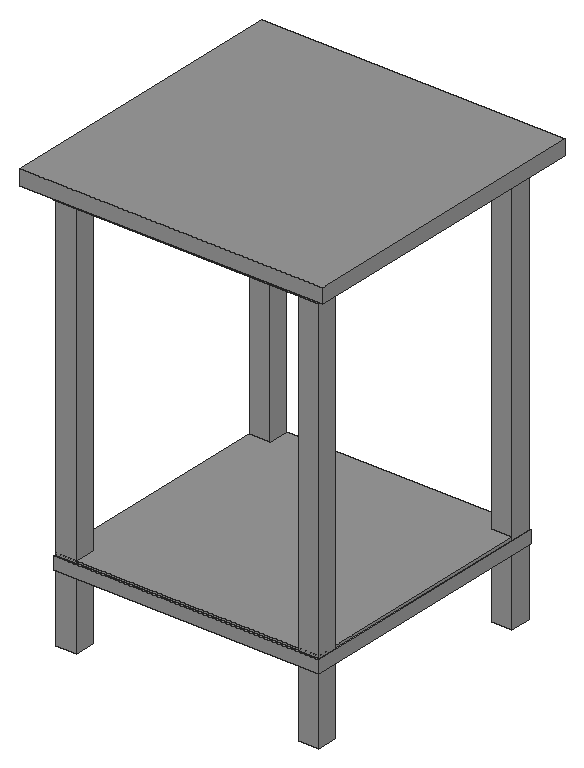
Revit family "АВЛН_Подставка", category Мебель, Revit 2019
Family settings
  Номер OmniClass = 23.40.20.00
  Заголовок OmniClass = General Furniture and Specialties
  На основе рабочей плоскости = Нет
  Всегда вертикально = Да
  При загрузке вырезать с полостями = Нет
  Общий = Нет
  Точка расчета площади = Нет
Parameters (values of type "Подставка под дистиллятор")
  Полка = yes
  Описание = "Подставка под дистиллятор, габ.600х600х900мм"
  М. столешницы = Сталь, гальванизированная
  М. каркаса = Сталь, гальванизированная
  Type Comments = ""
  Keynote = ""
  Manufacturer = ""
  Группа модели = "Оборудование основных помещений школы"
  ADSK_Размер_Ширина = 600 mm
  ADSK_Размер_Длина = 600 mm
  ADSK_Размер_Высота = 850 mm
  ADSK_Обозначение = ""
  ADSK_Масса = 0
  ADSK_Код изделия = ""
  ADSK_Единица измерения = "шт"  # constant formula
Types (7, lengths in mm): name | Описание | М. столешницы | Manufacturer | ADSK_Размер_Ширина | ADSK_Размер_Длина | ADSK_Обозначение
  (no name) | "Подставка под дистиллятор, габ.600х600х900мм" | Сталь, гальванизированная | "" | 600 | 600 | ""
  Стол производственный, каркас-угол оцинкованная | "Стол производственный, каркас-угол оцинкованная\r\nсталь, полка Решетка; габ.1200х600х850мм" | Сталь, гальванизированная | "Hicold, Россия" | 600 | 1200 | ""
  Вставка, каркас угол оцинкованная сталь | "Вставка, каркас угол оцинкованная сталь;\r\nгаб.600х600х850мм." | Сталь, гальванизированная | "Чувашторгтехника" | 600 | 600 | ""
  Стол закройщика 2000х1000х850 с полкой | "Стол закройщика 2000х1000х850 с полкой" | Древесина | "" | 1000 | 2000 | "РСО2П"
  Стол для препараторской | "Стол для препараторской, 1430х750х900;" | Древесина | "" | 750 | 1430 | ""
  Подставка под оборудование | "Подставка под оборудование; габ. 800х600х800мм" | Сталь, гальванизированная | "" | 600 | 800 | ""
  Подставка под дистиллятор | "Подставка под дистиллятор, габ.600х600х900мм" | Сталь, гальванизированная | "" | 600 | 600 | ""
Reference planes
  plane 1 "По центру (Вперед/Назад)": y = 0
  plane 2: z = 0
  plane 3 "По центру (Влево/Вправо)": x = 0
  plane 4: z = 850
  plane 5: y = 300
  plane 6: x = 300
  plane 7: x = -300
  plane 8: y = -300
  plane 9: x = 260
  plane 10: y = -260
  plane 11: y = 260
  plane 12: x = -260
  plane 13: z = 160.031
Forms (mm)
  Extrusion 1, solid, material "Сталь, гальванизированная" <- "М. столешницы"
    sketch origin (0, -518.993, 619.422) x (-1, 0, 0) y (0, -1, 0)
      loop
        line (300, -818.993) -> (300, -218.993) -> (-300, -218.993) -> (-300, -818.993) -> (300, -818.993)
    from 200.578 to 230.578
  Sweep 2, solid, material "Сталь, гальванизированная" <- "М. каркаса"
    path origin (0, -518.993, 820) x (-1, 0, 0) y (0, -1, 0)
      loop
        line (-260, -778.993) -> (260, -778.993) -> (260, -258.993) -> (-260, -258.993) -> (-260, -778.993)
    profile origin (0, 260, 820) x (0, -1, 0) y (0, 0, 1)
      loop
        line (-3, 0) -> (-3, -28) -> (0, -28) -> (0, -3) -> (25, -3) -> (25, 0) -> (-3, 0)
  Extrusion 3, solid, material "Сталь, гальванизированная" <- "М. каркаса"
    sketch origin (0, -518.993, 592.976) x (-1, 0, 0) y (0, -1, 0)
      loop
        line (260, -258.993) -> (220, -258.993) -> (220, -298.993) -> (260, -298.993) -> (260, -258.993)
      loop
        line (260, -778.993) -> (260, -739.212) -> (220, -739.212) -> (220, -778.993) -> (260, -778.993)
      loop
        line (-260, -778.993) -> (-220, -778.993) -> (-220, -738.993) -> (-260, -738.993) -> (-260, -778.993)
      loop
        line (-260, -258.993) -> (-260, -298.993) -> (-220, -298.993) -> (-220, -258.993) -> (-260, -258.993)
    from 227.024 to -592.976
  Sweep 4, solid, material "Сталь, гальванизированная" <- "М. каркаса", visible <- "Полка"
    path origin (0, -518.993, 153.007) x (-1, 0, 0) y (0, -1, 0)
      loop
        line (-260, -778.993) -> (260, -778.993) -> (260, -258.993) -> (-260, -258.993) -> (-260, -778.993)
    profile origin (0, 260, 153.007) x (0, -1, 0) y (0, 0, 1)
      loop
        line (-3, 7.024) -> (-3, -17.976) -> (0, -17.976) -> (0, 4.024) -> (25, 4.024) -> (25, 7.024) -> (-3, 7.024)
  Extrusion 5, solid, material "Сталь, гальванизированная" <- "М. столешницы", visible <- "Полка"
    sketch origin (0, -518.993, 126.953) x (-1, 0, 0) y (0, -1, 0)
      loop
        line (260, -778.993) -> (260, -258.993) -> (-260, -258.993) -> (-260, -778.993) -> (260, -778.993)
    from 33.078 to 38.078
Dimensions and locks
  plane 2 to plane 4 = 850 mm
  equal spacing: plane 8, plane 1 "По центру (Вперед/Назад)", plane 5
  equal spacing: plane 7, plane 3 "По центру (Влево/Вправо)", plane 6
  "ADSK_Размер_Длина": plane 7 to plane 6
  "ADSK_Размер_Ширина": plane 5 to plane 8
  "ADSK_Размер_Высота": plane 2 to plane 4
  locked: Extrusion 1 to plane 4 at 30  (x2)
  locked: plane 5 to plane 11 at 40
  locked: plane 10 to plane 8 at 40
  locked: plane 7 to plane 12 at 40
  locked: plane 9 to plane 6 at 40
  locked: Extrusion 3 sketch curve to plane 10 at 40  (x2)
  locked: plane 12 to Extrusion 3 sketch curve at 40  (x2)
  locked: Extrusion 3 sketch curve to plane 11 at 39.781
  locked: Extrusion 3 sketch curve to plane 11 at 40
  locked: Extrusion 3 sketch curve to plane 9 at 40  (x2)
  locked: plane 13 to level at 160.031
  plane 13 to profile plane = 7.024 mm
  locked: profile plane to Sweep 2 sketch curve at 3
  locked: profile plane to Sweep 2 sketch curve at 25
  locked: profile plane to Sweep 2 sketch curve at 28
  locked: Extrusion 5 to plane 13 at 5
  aligned and locked: level to plane 2
  aligned and locked: Extrusion 1 sketch curve to plane 5
  aligned and locked: plane 7 to Extrusion 1 sketch curve
  aligned and locked: plane 8 to Extrusion 1 sketch curve
  aligned and locked: Extrusion 1 sketch curve to plane 6
  aligned and locked: Extrusion 1 to plane 4
  aligned and locked: Sweep 2 sketch curve to plane 11
  aligned and locked: plane 9 to Sweep 2 sketch curve
  aligned and locked: Sweep 2 sketch curve to plane 10
  aligned and locked: plane 12 to Sweep 2 sketch curve
  aligned and locked: Extrusion 3 sketch curve to plane 10
  aligned and locked: plane 12 to Extrusion 3 sketch curve
  aligned and locked: plane 11 to Extrusion 3 sketch curve
  aligned and locked: Extrusion 3 sketch curve to plane 12
  aligned and locked: Extrusion 3 sketch curve to plane 11
  aligned and locked: plane 9 to Extrusion 3 sketch curve
  aligned and locked: plane 10 to Extrusion 3 sketch curve
  aligned and locked: Extrusion 3 sketch curve to plane 9
  aligned and locked: Extrusion 3 to level
  aligned and locked: Extrusion 3 to Extrusion 1
  aligned and locked: profile plane to Sweep 4 sketch curve
  aligned and locked: Sweep 4 sketch curve to plane 11
  aligned and locked: plane 12 to Sweep 4 sketch curve
  aligned and locked: Sweep 4 sketch curve to plane 10
  aligned and locked: plane 9 to Sweep 4 sketch curve
  aligned and locked: Sweep 2 sketch curve to profile plane
  aligned and locked: profile plane to Sweep 2 sketch curve
  aligned and locked: Extrusion 5 to plane 13
  aligned and locked: Extrusion 3 to Extrusion 5  (x4)
  aligned and locked: plane 13 to Sweep 4
  aligned and locked: Sweep 2 to Extrusion 1
Automatic sketch dimensions
  profile plane to Sweep 2 sketch curve = 3 mm
  profile plane to Sweep 4 sketch curve = 3 mm
  profile plane to Sweep 4 sketch curve = 7.024 mm
  Sweep 4 sketch curve to profile plane = 25 mm
  profile plane to Sweep 4 sketch curve = 4.024 mm
  Sweep 4 sketch curve to profile plane = 17.976 mm
  Extrusion 5 sketch curve to plane 5 = 40 mm
  Extrusion 5 sketch curve to plane 6 = 40 mm
  plane 7 to Extrusion 5 sketch curve = 40 mm
  plane 8 to Extrusion 5 sketch curve = 40 mm
